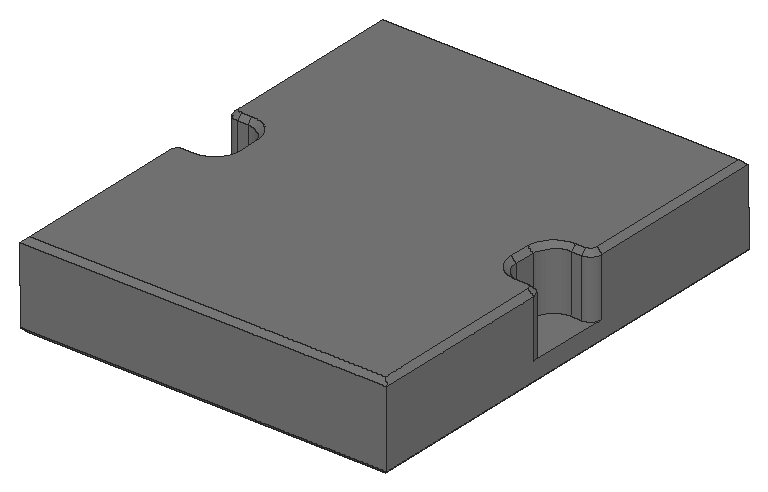
Revit family "Control_Unit-Lutron-Ethernet_Control_Interface", category Lighting Devices, host Face, Revit 2017
Family settings
  Host = Face
  Maintain Annotation Orientation = Yes
  Round Connector Dimension = Use Radius
  Part Type = Normal
  OmniClass Number = 23.85.80.11
  OmniClass Title = Building Controls
  Cut with Voids When Loaded = No
  Shared = No
  Room Calculation Point = No
Parameters (values of type "QSE-CI-NWK-E")
  Warranty URL = "http://www.lutron.com/en-US/Service-Support/Pages/Service/Warranty/Warranty.aspx"
  Voltage = 36 V
  Video Link = "https://www.youtube.com/user/LutronElectronicsInc"
  Version = "2017 - v1.0b"  # constant formula
  Type Comments = ""
  Support Phone = "(224) 699-9545"  # constant formula
  Support Email = "mailto: support@anguleris.com"
  Product Page URL = "http://www.lutron.com/en-US/Products/Pages/SingleRoomControls/GrafikEyeQS/Overview.aspx"
  Product Name = "QSE-CI-NWK-E Control Interface"
  Product Documentation Link = "http://www.lutron.com/TechnicalDocumentLibrary/qse-ci-nwk-e_ENG_24_09_2009.pdf"
  Performance URL = "http://www.lutron.com/en-US/Service-Support/Pages/Technical/PerfomanceSpecs.aspx"
  Overall Width = 0' - 5 1/4"
  Overall Height = 0' - 4 1/4"
  Operating Voltage = "24 V - 36 V"
  URL = "http://www.lutron.com"
  Series = "QS"
  Overall Depth = 0' - 1"
  Number of Poles = 1
  Mounting Reveal Height = 0' - 0.738"
  Mounting Reveal Depth = 0' - 0.27"
  Mount Reveal Width Center Offset = 0' - 3 1/4"
  Mount Edge Curve Radius = Mount Edge Curve Diameter / 2  # 0' - 0 1/8"
  Mount Edge Curve Diameter = 0' - 0 1/4"
  Mount Cutout Depth = 0' - 0.789"
  Mount Center Curve Radius = Mount Center Curve Diameter / 2  # 0' - 0 1/4"
  Mount Center Curve Diameter = 0' - 0 1/2"
  Model = "QSE-CI-NWK-E"
  Minimum Operating Temperature = 32 °F
  Maximum Operating Temperature = 104 °F
  Manufacturer Phone Number = "610-282-3800"  # constant formula
  Manufacturer Fax Number = "610-282-1243"  # constant formula
  Manufacturer Email = "mailto:support@lutron.com"
  Manufacturer Address = "7200 Suter Rd, Coopersburg, PA 18036"  # constant formula
  Manufacturer = "Lutron Electronics Co., Inc"  # constant formula
  Load Classification = Other
  Label = "NWK"
  Keynote = ""
  Instruction Sheet Link = "http://www.lutron.com/TechnicalDocumentLibrary/040415.pdf"
  Description = "QSE-CI-NWK-E Control Interface"
  Default Elevation = 4' - 0"
  Current = 0.065 A
  Cost Info = "mailto:sales@lutron.com"
  Cost = 0
  Copyright = "© 2019 Lutron Electronics Co., Inc."  # constant formula
  Controller Material = Plastic - Lutron - Black
  Chamfer Edge = 0' - 0.059"
  Assembly Code = "D5020200"
  Apparent Power = Voltage * Current  # 2.34 VA
  Annotation Symbol Visibility [instance] = yes
Reference planes (in)
  plane 1 "Center (Front/Back)": y = 0
  plane 2: z = 0
  plane 3 "Center (Left/Right)": x = 0
  plane 4: z = 1
  plane 5: x = 2.125
  plane 6: x = -2.125
  plane 7: y = 2.625
  plane 8: y = -2.625
  plane 9: y = 2.566
  plane 10: y = -2.566
  plane 11: z = 0.941
  plane 12: y = 2.684
  plane 13: z = 0.059
  plane 14: y = 2.566
  plane 15: y = 0.369
  plane 16: y = -0.369
  plane 17: x = -1.625
  plane 18: x = 1.625
  plane 19: z = 0.27
  plane 20: x = -1.625
  plane 21: x = 1.625
  plane 22: y = 0.369
  plane 23: y = -0.369
Forms (in)
  Sweep 1, void
    path origin (0, 0, 1) x (1, 0, 0) y (0, 1, 0)
      loop
        line (-2.125, 2.625) -> (-2.125, 0.494)
        arc (-2.125, 0.494) -> (-2.08839, 0.40561) -> (-2, 0.369) r 0.125
        line (-2, 0.369) -> (-1.875, 0.369)
        arc (-1.875, 0.369) -> (-1.69822, 0.29578) -> (-1.625, 0.119) r 0.25
        line (-1.625, 0.119) -> (-1.625, -0.119)
        arc (-1.625, -0.119) -> (-1.69822, -0.29578) -> (-1.875, -0.369) r 0.25
        line (-1.875, -0.369) -> (-2, -0.369)
        arc (-2, -0.369) -> (-2.08839, -0.40561) -> (-2.125, -0.494) r 0.125
        line (-2.125, -0.494) -> (-2.125, -2.625) -> (2.125, -2.625) -> (2.125, -0.494)
        arc (2.125, -0.494) -> (2.08839, -0.40561) -> (2, -0.369) r 0.125
        line (2, -0.369) -> (1.875, -0.369)
        arc (1.875, -0.369) -> (1.69822, -0.29578) -> (1.625, -0.119) r 0.25
        line (1.625, -0.119) -> (1.625, 0.119)
        arc (1.625, 0.119) -> (1.69822, 0.29578) -> (1.875, 0.369) r 0.25
        line (1.875, 0.369) -> (2, 0.369)
        arc (2, 0.369) -> (2.08839, 0.40561) -> (2.125, 0.494) r 0.125
        line (2.125, 0.494) -> (2.125, 2.625) -> (-2.125, 2.625)
    profile origin (0, 2.625, 1) x (0, 1, 0) y (0, 0, 1)
      loop
        line (-0.059, 0) -> (0, -0.059) -> (0, 0) -> (-0.059, 0)
  Sweep 2, void
    path origin (0, 0, 0) x (1, 0, 0) y (0, 1, 0)
      loop
        line (-2.125, 2.625) -> (-2.125, -2.625) -> (2.125, -2.625) -> (2.125, 2.625) -> (-2.125, 2.625)
    profile origin (0, 2.625, 0) x (0, 1, 0) y (0, 0, 1)
      loop
        line (0, 0.059) -> (-0.059, 0) -> (0, 0) -> (0, 0.059)
  Sweep 3, solid, material "Plastic - Lutron - Black" <- "Controller Material"
    path origin (0, 0, 0) x (1, 0, 0) y (0, 0, 1)
      loop
        line (0, 0.27) -> (0, 1)
    profile origin (0, 0, 0.635) x (-1, 0, 0) y (0, -1, 0)
      loop
        line (2.125, -2.625) -> (2.125, -0.494)
        arc (2.125, -0.494) -> (2.08839, -0.40561) -> (2, -0.369) r 0.125
        line (2, -0.369) -> (1.875, -0.369)
        arc (1.875, -0.369) -> (1.69822, -0.29578) -> (1.625, -0.119) r 0.25
        line (1.625, -0.119) -> (1.625, 0.119)
        arc (1.625, 0.119) -> (1.69822, 0.29578) -> (1.875, 0.369) r 0.25
        line (1.875, 0.369) -> (2, 0.369)
        arc (2, 0.369) -> (2.08839, 0.40561) -> (2.125, 0.494) r 0.125
        line (2.125, 0.494) -> (2.125, 2.625) -> (-2.125, 2.625) -> (-2.125, 0.494)
        arc (-2.125, 0.494) -> (-2.08839, 0.40561) -> (-2, 0.369) r 0.125
        line (-2, 0.369) -> (-1.875, 0.369)
        arc (-1.875, 0.369) -> (-1.69822, 0.29578) -> (-1.625, 0.119) r 0.25
        line (-1.625, 0.119) -> (-1.625, -0.119)
        arc (-1.625, -0.119) -> (-1.69822, -0.29578) -> (-1.875, -0.369) r 0.25
        line (-1.875, -0.369) -> (-2, -0.369)
        arc (-2, -0.369) -> (-2.08839, -0.40561) -> (-2.125, -0.494) r 0.125
        line (-2.125, -0.494) -> (-2.125, -2.625) -> (2.125, -2.625)
  Sweep 4, solid, material "Plastic - Lutron - Black" <- "Controller Material"
    path origin (0, 0, 0) x (1, 0, 0) y (0, 0, 1)
      loop
        line (0, 0) -> (0, 0.27)
    profile origin (0, 0, 0.135) x (-1, 0, 0) y (0, -1, 0)
      loop
        line (2.125, -2.625) -> (2.125, 2.625) -> (-2.125, 2.625) -> (-2.125, -2.625) -> (2.125, -2.625)
Cuts and joins
  Sweep 1, Sweep 2 cuts Sweep 3
  Sweep 2 cuts Sweep 4
  joined: Sweep 3, Sweep 4
Lines and regions (in)
  Masking region 1, detail levels fine
    outline origin (0, 0, 0) x (1, 0, 0) y (0, 0, 1)
      loop
        line (-2.125, 1) -> (-2.125, 0) -> (2.125, 0) -> (2.125, 1) -> (-2.125, 1)
Dimensions and locks (in)
  "Overall Depth": plane 4 to plane 2
  equal spacing: plane 6, plane 3 "Center (Left/Right)", plane 5
  "Overall Height": plane 6 to plane 5
  equal spacing: plane 7, plane 1 "Center (Front/Back)", plane 8
  "Overall Width": plane 7 to plane 8
  equal spacing: plane 9, plane 1 "Center (Front/Back)", plane 10
  "Chamfer Edge": plane 7 to plane 9
  "Chamfer Edge": plane 4 to plane 11
  equal spacing: plane 12, plane 7, plane 9
  "Chamfer Edge": plane 13 to plane 2
  "Chamfer Edge": plane 7 to plane 14
  equal spacing: plane 17, plane 3 "Center (Left/Right)", plane 18
  equal spacing: plane 16, plane 1 "Center (Front/Back)", plane 15
  "Mount Reveal Width Center Offset": plane 17 to plane 18
  "Mounting Reveal Height": plane 15 to plane 16
  "Mounting Reveal Depth": plane 19 to plane 2
  equal spacing: plane 23, plane 1 "Center (Front/Back)", plane 22
  equal spacing: plane 20, plane 3 "Center (Left/Right)", plane 21
  "Mount Reveal Width Center Offset": plane 20 to plane 21
  "Mounting Reveal Height": plane 22 to plane 23
  "Mount Edge Curve Radius": radius of Sweep 3 sketch curve  (x4)
  "Mount Center Curve Radius": radius of Sweep 3 sketch curve  (x4)
  "Mount Edge Curve Radius": radius of Sweep 1 sketch curve  (x4)
  "Mount Center Curve Radius": radius of Sweep 1 sketch curve  (x4)
  aligned and locked: plane 2 to host face
  aligned and locked: level to host face
  aligned and locked: plane 7 to Sweep 1 sketch curve
  aligned and locked: profile plane to Sweep 2 sketch curve  (x2)
  aligned and locked: plane 14 to Sweep 2 sketch curve
  aligned and locked: plane 13 to Sweep 2 sketch curve
  aligned and locked: Sweep 1 sketch curve to profile plane
  aligned and locked: plane 11 to Sweep 1 sketch curve
  aligned and locked: profile plane to Sweep 1 sketch curve  (x2)
  aligned and locked: plane 9 to Sweep 1 sketch curve
  aligned and locked: plane 3 "Center (Left/Right)" to Sweep 3 sketch curve
  aligned and locked: plane 4 to Sweep 3 sketch curve
  aligned and locked: Sweep 3 sketch curve to Sweep 1  (x2)
  aligned and locked: plane 6 to Sweep 3 sketch curve  (x2)
  aligned and locked: plane 5 to Sweep 3 sketch curve  (x2)
  aligned and locked: plane 6 to Sweep 1 sketch curve
  aligned and locked: plane 5 to Sweep 1 sketch curve
  aligned and locked: plane 19 to Sweep 3 sketch curve
  aligned and locked: plane 3 "Center (Left/Right)" to Sweep 4 sketch curve
  aligned and locked: plane 19 to Sweep 4 sketch curve
  aligned and locked: plane 2 to Sweep 4 sketch curve
  aligned and locked: Sweep 4 sketch curve to Sweep 2  (x4)
  aligned and locked: Sweep 1 sketch curve to plane 22  (x2)
  aligned and locked: Sweep 1 sketch curve to plane 20
  aligned and locked: Sweep 1 sketch curve to plane 23  (x2)
  aligned and locked: plane 21 to Sweep 1 sketch curve
  aligned and locked: plane 3 "Center (Left/Right)" to nested 1
  aligned and locked: plane 1 "Center (Front/Back)" to nested 1
  aligned and locked: plane 5 to Masking region 1 sketch curve
  aligned and locked: plane 6 to Masking region 1 sketch curve
  aligned and locked: Masking region 1 sketch curve to plane 4
  aligned and locked: plane 2 to Masking region 1 sketch curve
  aligned and locked: plane 5 to Sweep 2 sketch curve
  aligned and locked: plane 6 to Sweep 2 sketch curve
Automatic sketch dimensions
  host sketch curve to host sketch curve = 8' - 0"  (x2)
  Sweep 2 sketch curve to plane 8 = 0' - 0"
  plane 7 to Sweep 2 sketch curve = 0' - 0"
  Sweep 3 sketch curve to plane 15 = 0' - 0"  (x2)
  Sweep 3 sketch curve to plane 17 = 0' - 0"
  plane 16 to Sweep 3 sketch curve = 0' - 0"  (x2)
  Sweep 3 sketch curve to plane 18 = 0' - 0"
  Sweep 1 sketch curve to plane 8 = 0' - 0"
  Sweep 1 sketch curve to plane 6 = 0' - 0"
  Sweep 1 sketch curve to plane 5 = 0' - 0"
Nested families (in)
  nested 1: "Lutron_Control_Interface_Symbol" at (0, 0, 0), visible <- "Annotation Symbol Visibility", type "Lutron_Control_Interface_Symbol", detail levels coarse+medium
Connectors (in)
  electrical at (0, -2.625, 0.5)
    settings: on cut or joined group of Sweep 1, Sweep 2, Sweep 3, Sweep 4, index 1, voltage 0 V, apparent load 0 VA, apparent load phase1 0 VA, apparent load phase2 0 VA, apparent load phase3 0 VA, power factor 1, load classification "Other", number of poles 1, system type 13, power factor state 1, is connector primary yes, connector utility no, sub classification motor no, connector description "Controls Connection"
Definition of nested family "Lutron_Control_Interface_Symbol"
  Parameters (values of type "Lutron_Control_Interface_Symbol")
    Label = "NWK"
  Reference planes (in)
    plane 1: y = 0
    plane 2: x = 0
  Lines and regions (in)
    detail lines
      curve 1: line (-0.05859, 0, 0) -> (0.05859, 0, 0)
      curve 2: line (0, 0, 0) -> (0, 0.125, 0)
      curve 3: line (-0.14941, 0.125, 0) -> (0.14941, 0.125, 0)
      curve 4: line (-0.14941, 0.42383, 0) -> (-0.14941, 0.125, 0)
      curve 5: line (0.14941, 0.42383, 0) -> (-0.14941, 0.42383, 0)
      curve 6: line (0.14941, 0.125, 0) -> (0.14941, 0.42383, 0)
  Text (in)
    label "CI" at (-0.00197, 0.27537, 0), shows "Label"
  Dimensions and locks (in)
    plane 1 to curve 3 = 0' - 0 1/8"
    locked: curve 5 to curve 3 at 0.29883
    aligned and locked: plane 2 to curve 2
    aligned and locked: plane 1 to curve 1
